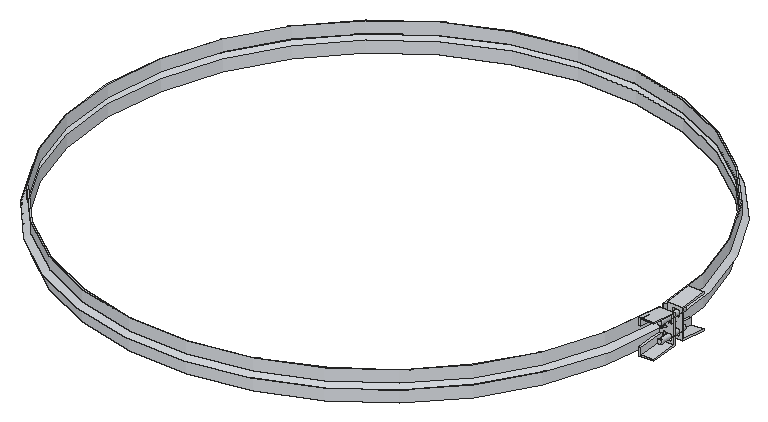
Revit family
Parameters (values of type "DW28CLASY")
  WALLTHICK = 9/256"  # constant formula
  Model = "DW28CLASY"
  Manufacturer = "CaptiveAire"
  HALF_ANGLE = 61.813° / 2  # 30.9065°
  Description = "28\" Double Wall Duct Clamp"
  DUCTRAD = DUCTINSIDERAD + 5/16"  # 14 137/256"
  DUCTINSIDERAD = 14 57/256"
  61.813 = 61.813°  # constant formula
  1.5 = 1 1/2"  # constant formula
  0 = 0"  # constant formula
  .75 = 3/4"  # constant formula
  .3 = 77/256"  # constant formula
Types (13): name | Model | Description | DUCTRAD | DUCTINSIDERAD
  (no name) | "DW28CLASY" | "28\" Double Wall Duct Clamp" | 14 137/256" | 14 57/256"
  DW08CLASY | "DW08CLASY" | "8\" Double Wall Duct Clamp" | 4 137/256" | 4 57/256"
  DW10CLASY | "DW10CLASY" | "10\" Double Wall Duct Clamp" | 5 137/256" | 5 57/256"
  DW12CLASY | "DW12CLASY" | "12\" Double Wall Duct Clamp" | 6 137/256" | 6 57/256"
  DW14CLASY | "DW14CLASY" | "14\" Double Wall Duct Clamp" | 7 137/256" | 7 57/256"
  DW16CLASY | "DW16CLASY" | "16\" Double Wall Duct Clamp" | 8 137/256" | 8 57/256"
  DW18CLASY | "DW18CLASY" | "18\" Double Wall Duct Clamp" | 9 137/256" | 9 57/256"
  DW20CLASY | "DW20CLASY" | "20\" Double Wall Duct Clamp" | 10 137/256" | 10 57/256"
  DW22CLASY | "DW22CLASY" | "22\" Double Wall Duct Clamp" | 11 137/256" | 11 57/256"
  DW24CLASY | "DW24CLASY" | "24\" Double Wall Duct Clamp" | 12 137/256" | 12 57/256"
  DW26CLASY | "DW26CLASY" | "26\" Double Wall Duct Clamp" | 13 137/256" | 13 57/256"
  DW30CLASY | "DW30CLASY" | "30\" Double Wall Duct Clamp" | 15 137/256" | 15 57/256"
  DW28CLASY | "DW28CLASY" | "28\" Double Wall Duct Clamp" | 14 137/256" | 14 57/256"
Reference planes (in)
  plane 1 "Center (Front/Back)": y = 0
  plane 2: z = 0.42354
  plane 3 "Center (Left/Right)": x = 1.65975
  plane 4: x = 15.88241
  plane 5: x = 16.19491
  plane 6: x = 15.93241
Forms (in)
  Revolve 1, solid
    sketch origin (0, 0, 0) x (1, 0, 0) y (0, 0, 1)
      loop
        line (15.88241, -0.32646) -> (15.91756, -0.32646) -> (15.91756, 0.25751) -> (16.19491, 0.42354) -> (15.91756, 0.58957) -> (15.91756, 1.17354) -> (15.88241, 1.17354) -> (15.88241, 0.56964) -> (16.12646, 0.42354) -> (15.88241, 0.27744) -> (15.88241, -0.32646)
      axis (1.65975, -0.32646) -> (1.65975, 1.17354)
    angle from 0 to 359
Dimensions and locks (in)
  "DUCTINSIDERAD": plane 4 to plane 3 "Center (Left/Right)"
  "DUCTRAD": plane 5 to plane 3 "Center (Left/Right)"
  "1.5": Revolve 1 sketch curve to Revolve 1 sketch curve
  ".75": Revolve 1 sketch curve to level
  "WALLTHICK": Revolve 1 sketch curve to plane 4
  "WALLTHICK": Revolve 1 sketch curve to Revolve 1 sketch curve  (x2)
  locked: plane 6 to plane 4 at 0.05
  "61.813": angle Revolve 1 sketch curve to Revolve 1 sketch curve  (x2)
  "HALF_ANGLE": angle Revolve 1 sketch curve to level  (x2)
  aligned and locked: level to plane 2
  aligned and locked: plane 4 to Revolve 1 sketch curve  (x2)
  aligned and locked: plane 5 to Revolve 1 sketch curve
  aligned and locked: level to Revolve 1 sketch curve
  aligned and locked: Revolve 1 sketch curve to Revolve 1 sketch curve
  aligned and locked: plane 3 "Center (Left/Right)" to Revolve 1 sketch curve
  aligned and locked: nested 1 to level
  aligned and locked: nested 1 to plane 1 "Center (Front/Back)"
  aligned and locked: nested 1 to plane 6
Automatic sketch dimensions
  level to Revolve 1 sketch curve = 1/2"
  Revolve 1 sketch curve to Revolve 1 sketch curve = 2"
Nested families (in)
  nested 1: "DWCLAMPBR-ASY" at (15.50886, -1.84472, 0.42354) x (0, 1, 0) z (1, 0, 0), type "DW0812ADP"
Definition of nested family "DWCLAMPBR-ASY"
  Parameters (values of type "DW2024ADP")
    Model = "DWCLAMPBR"
    Manufacturer = "CaptiveAire"
    Description = "DOUBLE WALL CLAMP"
  Types (14): name | Model | Description
    (no name) | "DWCLAMPBR" | "DOUBLE WALL CLAMP"
    DW0812ADP | "DW0812ADP" | "8\" - 12\" Duct Adaptor"
    DW1012ADP | "DW1012ADP" | "10\"-12\" Duct Adaptor"
    DW1014ADP | "DW1014ADP" | "10\"-14\" Duct Adaptor"
    DW1214ADP | "DW1214ADP" | "12\"-14\" Duct Adaptor"
    DW1216ADP | "DW1216ADP" | "12\"-16\" Duct Adaptor"
    DW1218ADP | "DW1218ADP" | "12\"-18\" Duct Adaptor"
    DW1416ADP | "DW1416ADP" | "14\"-16\" Duct Adaptor"
    DW1418ADP | "DW1418ADP" | "14\"-18\" Duct Adaptor"
    DW1420ADP | "DW1420ADP" | "14\"-20\" Duct Adaptor"
    DW1620ADP | "DW1620ADP" | "16\"-20\" Duct Adaptor"
    DW1624ADP | "DW1624ADP" | "16\"-24\" Duct Adaptor"
    DW1824ADP | "DW1824ADP" | "18\"-24\" Duct Adaptor"
    DW2024ADP | "DWCLAMPBR" | "DOUBLE WALL CLAMP"
  Reference planes (in)
    plane 1 "Center (Front/Back)": y = 0
    plane 2: z = 0.42354
    plane 3 "Center (Left/Right)": x = 1.84472
    plane 4: x = 2.09472
    plane 5: x = 1.59472
  Forms (in)
    Extrusion 1, solid
      sketch origin (1.54472, 0.3855, 0.42354) x (0, -1, 0) y (0, 0, 1)
        loop
          circle (-0.04143, 0.44048) r 0.125
        loop
          circle (0.81243, 0.44048) r 0.125
      from -1 to 0.5
  Dimensions and locks (in)
    locked: plane 4 to plane 3 "Center (Left/Right)" at 0.25
    locked: plane 5 to plane 3 "Center (Left/Right)" at 0.25
    aligned and locked: level to plane 2
    aligned and locked: nested 2 to plane 1 "Center (Front/Back)"
    aligned and locked: plane 1 "Center (Front/Back)" to nested 1
    aligned and locked: nested 2 to plane 5
    aligned and locked: nested 1 to plane 4
    aligned and locked: nested 2 to level
    aligned and locked: nested 1 to level
  Nested families (in)
    nested 1: "DWCLAMPBR" at (2.09472, 1.84472, 0) x (0, -1, 0) z (0, 0, 1), type "DW0812ADP"
    nested 2: "DWCLAMPBR" at (1.59472, -1.84472, 0) x (0, 1, 0) z (0, 0, 1), type "DW0812ADP"
  Definition of nested family "DWCLAMPBR"
    Parameters (values of type "DW2024ADP")
      Model = "DWCLAMPBR"
      Manufacturer = "CaptiveAire"
      Description = "DOUBLE WALL CLAMP"
      95.194 = 95.194°  # constant formula
      .375 = 3/8"  # constant formula
    Types (14): name | Model | Description
      (no name) | "DWCLAMPBR" | "DOUBLE WALL CLAMP"
      DW0812ADP | "DW0812ADP" | "8\" - 12\" Duct Adaptor"
      DW1012ADP | "DW1012ADP" | "10\"-12\" Duct Adaptor"
      DW1014ADP | "DW1014ADP" | "10\"-14\" Duct Adaptor"
      DW1214ADP | "DW1214ADP" | "12\"-14\" Duct Adaptor"
      DW1216ADP | "DW1216ADP" | "12\"-16\" Duct Adaptor"
      DW1218ADP | "DW1218ADP" | "12\"-18\" Duct Adaptor"
      DW1416ADP | "DW1416ADP" | "14\"-16\" Duct Adaptor"
      DW1418ADP | "DW1418ADP" | "14\"-18\" Duct Adaptor"
      DW1420ADP | "DW1420ADP" | "14\"-20\" Duct Adaptor"
      DW1620ADP | "DW1620ADP" | "16\"-20\" Duct Adaptor"
      DW1624ADP | "DW1624ADP" | "16\"-24\" Duct Adaptor"
      DW1824ADP | "DW1824ADP" | "18\"-24\" Duct Adaptor"
      DW2024ADP | "DWCLAMPBR" | "DOUBLE WALL CLAMP"
    Reference planes (in)
      plane 1 "Center (Front/Back)": y = 0
      plane 2: z = 0.42354
      plane 3 "Center (Left/Right)": x = 1.84472
      plane 4: x = 2.62474
      plane 5: x = 2.60222
      plane 6: y = 1.346
      plane 7: x = 1.0647
      plane 8: x = 1.08722
    Forms (in)
      Extrusion 1, solid
        sketch origin (0, 0, 0.42354) x (1, 0, 0) y (0, 1, 0)
          loop
            line (2.60222, 0) -> (2.72457, 1.346) -> (0.96487, 1.346) -> (1.08722, 0) -> (2.60222, 0)
        from 0 to 0.75
      Extrusion 2, void
        sketch origin (0, 0, 1.17354) x (0, 1, 0) y (1, 0, 0)
          loop
            line (0.05, 1.45922) -> (1.346, 1.34141) -> (1.346, 2.34803) -> (0.05, 2.23022) -> (0.05, 1.45922)
        from 0 to 0.75
      Extrusion 3, void
        sketch origin (0, 0, 1.17354) x (0, 1, 0) y (1, 0, 0)
          loop
            line (0.05, 1.45922) -> (0.05, 1.1403) -> (1.346, 1.02249) -> (1.346, 1.34141) -> (0.05, 1.45922)
          loop
            line (0.05, 2.23022) -> (1.346, 2.34803) -> (1.346, 2.66695) -> (0.05, 2.54914) -> (0.05, 2.23022)
        from 0 to 0.625
      Extrusion 4, void
        sketch origin (2.60222, 0, 0.42354) x (1, 0, 0) y (0, 0, -1)
          loop
            line (-1.3725, -0.63322) -> (-0.9975, -0.63322) -> (-0.9975, -0.25822) -> (-1.3725, -0.25822) -> (-1.3725, -0.63322)
          loop
            line (-0.97218, 0) -> (-0.7575, -0.46039) -> (-0.51271, 0) -> (-0.97218, 0)
          loop
            line (-0.1425, -0.63322) -> (-0.1425, -0.25822) -> (-0.5175, -0.25822) -> (-0.5175, -0.63322) -> (-0.1425, -0.63322)
        from 0 to 0.625
    Cuts and joins
      Extrusion 2, Extrusion 3, Extrusion 4 cuts Extrusion 1
    Dimensions and locks (in)
      equal spacing: plane 7, plane 3 "Center (Left/Right)", plane 4
      equal spacing: plane 8, plane 3 "Center (Left/Right)", plane 5
      plane 8 to plane 5 to plane 4 = 1.515" locked, 0.02252" locked
      ".375": Extrusion 1 to Extrusion 2 sketch curve  (x2)
      locked: plane 1 "Center (Front/Back)" to Extrusion 2 sketch curve at 0.05
      "95.194": angle Extrusion 1 sketch curve to Extrusion 1 sketch curve
      "95.194": angle plane 1 "Center (Front/Back)" to Extrusion 1 sketch curve
      aligned and locked: level to plane 2
      aligned and locked: Extrusion 1 to Extrusion 2 sketch curve
    Automatic sketch dimensions
      plane 6 to Extrusion 1 sketch curve = 0"
      plane 1 "Center (Front/Back)" to Extrusion 1 sketch curve = 0"
      Extrusion 1 sketch curve to plane 8 = 0"
      Extrusion 1 sketch curve to plane 5 = 0"
      Extrusion 3 sketch curve to Extrusion 1 = 0"  (x2)
      Extrusion 3 sketch curve to Extrusion 1 = 0.05"  (x2)
      Extrusion 3 sketch curve to Extrusion 1 = 0.05739"
      Extrusion 3 sketch curve to Extrusion 3 sketch curve = 0.11781"
      Extrusion 3 sketch curve to Extrusion 3 sketch curve = 0.31892"  (x4)
      Extrusion 3 sketch curve to Extrusion 3 sketch curve = 0.771"
      Extrusion 3 sketch curve to Extrusion 3 sketch curve = 1.00661"
      Extrusion 4 sketch curve to Extrusion 1 = 0"
      Extrusion 1 to Extrusion 4 sketch curve = 0.1425"  (x2)
      Extrusion 4 sketch curve to Extrusion 4 sketch curve = 3/8"
      Extrusion 4 sketch curve to Extrusion 4 sketch curve = 0.02532"
      Extrusion 4 sketch curve to Extrusion 1 = 0.28961"
      Extrusion 4 sketch curve to Extrusion 4 sketch curve = 0.24"  (x2)
      Extrusion 4 sketch curve to Extrusion 1 = 0.11678"  (x2)
      Extrusion 4 sketch curve to Extrusion 4 sketch curve = 0.00479"
      Extrusion 4 sketch curve to Extrusion 1 = 0.25822"  (x2)
